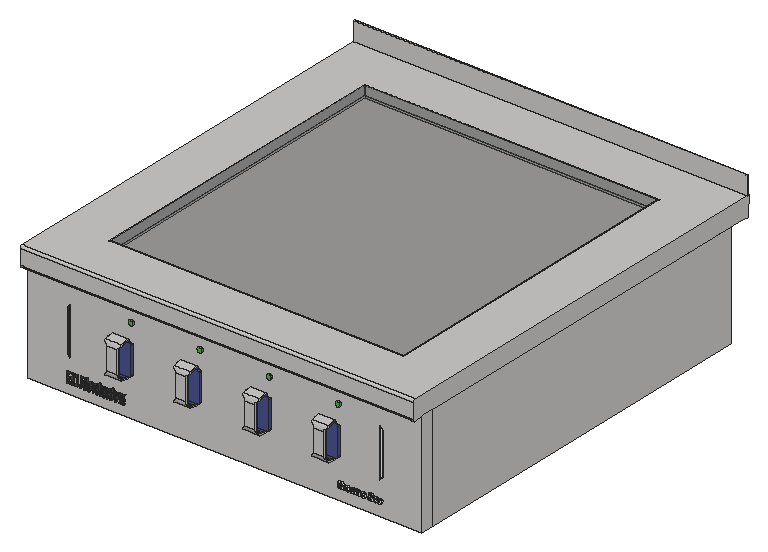
Revit family "QF_ELECTROLUXPROFESSIONAL_588509_MBIDBBHOAO", category Attrezzature speciali, Revit 2020
Family settings
  Quota connettore circolare = Usa diametro
  Tipo di parte = Normale
  Basato su piano di lavoro = No
  Sempre verticale = Sì
  Taglio con vuoti quando caricato = No
  Condiviso = No
  Punto di calcolo locali = No
Parameters (values of type "Standard")
  Weight = 100.00 kg
  Watts = 20000 W
  Volts = 400 V
  URL Manufacturer = "https://www.electroluxprofessional.com/"
  URL = "https://www.electroluxprofessional.com/"
  Steam Supply Size = 0"
  Steam Supply Minimum Pressure = 0.00 psi
  Steam Supply Maximum Pressure = 0.00 psi
  Steam Consumption per Hour = 0
  Refrigeration Suction Line Size = 0 mm
  Refrigeration Liquid Line Size = 0 mm
  Refrigerant Compressor Remote = yes
  Prospetto di default = 0 mm
  Phase = 3
  Modello = "MBIDBBHOAO"
  Produttore = "Electrolux Professional"
  Length Actual = 800 mm  # constant formula
  Item Number = "588509"
  Hot Water Size = 0"
  Height Actual = 250 mm  # constant formula
  HP = "26.8 HP"
  Gas Size = 0"
  Gas KW = 0
  Gas Input Pressure = 0.0 Btu/h
  Direct Waste Size = 0"
  Descrizione = "INDUCTION TOP,4ZONE,1S,BSPL,800X850X250H"
  Depth Actual = 850 mm  # constant formula
  Cycle = 50 Hz
  Condensate Return Size = 0"
  Compressed Air Volume = 0 GPM
  Compressed Air Size = 0"
  Compressed Air Pressure = 0.00 psi
  Cold Water Size = 0"
  Accessory = yes
Reference planes
  plane 1 "BACK": y = 0
  plane 2: z = 0
  plane 3 "LEFT": x = 0
  plane 4 "RIGHT": x = 800
  plane 5 "FRONT": y = -850
  plane 6 "TOP": z = 900
  plane 7 "Center (Left/Right)": x = 400
  plane 8: y = -425
  plane 9: y = -150
  plane 10: x = 100
  plane 11: x = 700
  plane 12: y = -100
  plane 13: y = -750
  plane 14 "EIx": x = 755
  plane 15 "EIy": y = -635
  plane 16: z = 938
  plane 17 "BaseTop": z = 650
  plane 18: y = -805
Forms (mm)
  Extrusion 1, solid, material "QF_Finishes_Stainless Steel"
    sketch origin (-178.969, -4572, 100) x (-1, 0, 0) y (0, -1, 0)
      loop
        line (-178.969, -4527) -> (-178.969, -3767) -> (-978.969, -3767) -> (-978.969, -4527) -> (-178.969, -4527)
    from 550 to 762.969
  Extrusion 2, solid, material "QF_Finishes_Stainless Steel"
    sketch origin (0, 0, 650) x (-1, 0, 0) y (0, -1, 0)
      loop
        circle (-755, 635) r 6.35
    from 0 to -11.851
  Extrusion 3, solid, material "QF_Finishes_Stainless Steel"
    sketch origin (400, 296.4, 1219.2) x (0, 1, 0) y (0, 0, 1)
      loop
        line (-296.4, -319.2) -> (-1141.4, -319.2)
        arc (-1141.4, -319.2) -> (-1144.935, -320.664) -> (-1146.4, -324.2) r 5
        line (-1146.4, -324.2) -> (-1146.4, -355.2)
        arc (-1146.4, -355.2) -> (-1144.971, -358.264) -> (-1141.705, -359.139) r 4
        line (-1141.705, -359.139) -> (-1126.4, -356.231) -> (-316.4, -356.231) -> (-301.094, -359.139)
        arc (-301.094, -359.139) -> (-297.829, -358.264) -> (-296.4, -355.2) r 4
        line (-296.4, -355.2) -> (-296.4, -319.2)
    from -400 to 400
  Extrusion 4, solid, material "QF_Finishes_Electrolux_Black Smoke Iluminated"
    sketch origin (0, 0, 900) x (-1, 0, 0) y (0, -1, 0)
      loop
        line (-102, 102) -> (-102, 748) -> (-698, 748) -> (-698, 102) -> (-102, 102)
    from 0 to -20
  Extrusion 5, void
    sketch origin (0, 0, 900) x (-1, 0, 0) y (0, -1, 0)
      loop
        line (-100, 750) -> (-700, 750) -> (-700, 100) -> (-100, 100) -> (-100, 750)
    from 0 to -25
  Extrusion 6, solid, material "QF_Finishes_Stainless Steel"
    sketch origin (400, 296.4, 1219.2) x (0, 1, 0) y (0, 0, 1)
      loop
        line (-296.4, -319.2) -> (-296.4, -281.2) -> (-298.4, -281.2) -> (-298.4, -319.2) -> (-296.4, -319.2)
    from 400 to -400
Cuts and joins
  Extrusion 5 cuts Extrusion 3
Lines and regions (mm)
  symbolic lines
    curve 1: line (0, 0, 100) -> (800, 0, 100)
    curve 2: line (0, -850, 100) -> (0, 0, 100)
    curve 3: line (800, -850, 100) -> (0, -850, 100)
    curve 4: line (800, 0, 100) -> (800, -850, 100)
    curve 5: line (100, -750, 0) -> (700, -750, 0)
    curve 6: line (700, -750, 0) -> (700, -100, 0)
    curve 7: line (700, -100, 0) -> (100, -100, 0)
    curve 8: line (100, -100, 0) -> (100, -750, 0)
    curve 9: line (0, -2, 0) -> (800, -2, 0)
  model lines
    curve 10: line (99.879, -133.089, 900) -> (121.092, -111.876, 900)
    curve 11: line (121.092, -111.876, 900) -> (678.908, -111.876, 900)
    curve 12: line (131.557, -136.465, 900) -> (112.022, -156, 900)
    curve 13: line (112.022, -156, 900) -> (112.022, -391, 900)
    curve 14: line (112.022, -391, 900) -> (131.394, -410.372, 900)
    curve 15: line (221.716, -273.3, 900) -> (278.284, -273.3, 900)
    curve 16: line (250, -301.584, 900) -> (250, -245.016, 900)
    curve 17: line (368.443, -136.465, 900) -> (387.978, -156, 900)
    curve 18: line (387.978, -156, 900) -> (387.978, -391, 900)
    curve 19: line (387.978, -391, 900) -> (368.606, -410.372, 900)
    curve 20: line (99.879, -716.911, 900) -> (121.092, -738.124, 900)
    curve 21: line (121.092, -738.124, 900) -> (678.908, -738.124, 900)
    curve 22: line (131.557, -713.535, 900) -> (112.022, -694, 900)
    curve 23: line (112.022, -694, 900) -> (112.022, -459, 900)
    curve 24: line (112.022, -459, 900) -> (131.394, -439.628, 900)
    curve 25: line (278.284, -576.7, 900) -> (221.716, -576.7, 900)
    curve 26: line (250, -548.416, 900) -> (250, -604.984, 900)
    curve 27: line (368.443, -713.535, 900) -> (387.978, -694, 900)
    curve 28: line (387.978, -694, 900) -> (387.978, -459, 900)
    curve 29: line (387.978, -459, 900) -> (368.606, -439.628, 900)
    curve 30: line (668.443, -136.465, 900) -> (687.978, -156, 900)
    curve 31: line (687.978, -156, 900) -> (687.978, -391, 900)
    curve 32: line (687.978, -391, 900) -> (668.606, -410.372, 900)
    curve 33: line (550, -301.584, 900) -> (550, -245.016, 900)
    curve 34: line (521.716, -273.3, 900) -> (578.284, -273.3, 900)
    curve 35: line (431.557, -136.465, 900) -> (412.022, -156, 900)
    curve 36: line (412.022, -156, 900) -> (412.022, -391, 900)
    curve 37: line (412.022, -391, 900) -> (431.394, -410.372, 900)
    curve 38: line (668.443, -713.535, 900) -> (687.978, -694, 900)
    curve 39: line (687.978, -694, 900) -> (687.978, -459, 900)
    curve 40: line (687.978, -459, 900) -> (668.606, -439.628, 900)
    curve 41: line (578.284, -576.7, 900) -> (521.716, -576.7, 900)
    curve 42: line (550, -548.416, 900) -> (550, -604.984, 900)
    curve 43: line (431.557, -713.535, 900) -> (412.022, -694, 900)
    curve 44: line (412.022, -694, 900) -> (412.022, -459, 900)
    curve 45: line (412.022, -459, 900) -> (431.394, -439.628, 900)
    curve 46: line (700.121, -133.089, 900) -> (678.908, -111.876, 900)
    curve 47: line (700.121, -716.911, 900) -> (678.908, -738.124, 900)
Dimensions and locks
  plane 3 "LEFT" to plane 4 "RIGHT" = 800 mm
  locked: plane 5 "FRONT" to plane 1 "BACK" at 850
  plane 3 "LEFT" to plane 7 "Center (Left/Right)" to plane 4 "RIGHT" = 400 mm, 400 mm
  equal spacing: plane 5 "FRONT", plane 8, plane 1 "BACK"
  plane 6 "TOP" to level = 900 mm  (x2)
  plane 1 "BACK" to plane 9 = 150 mm
  plane 1 "BACK" to Extrusion 2 = 635 mm
  locked: plane 14 "EIx" to plane 4 "RIGHT" at 45
  locked: plane 15 "EIy" to plane 1 "BACK" at 635
  plane 16 to plane 6 "TOP" = 38 mm
  locked: plane 12 to plane 1 "BACK" at 100
  locked: plane 5 "FRONT" to plane 13 at 100
  plane 3 "LEFT" to plane 10 = 100 mm
  plane 11 to plane 4 "RIGHT" = 100 mm
  locked: plane 6 "TOP" to plane 17 "BaseTop" at 250
  locked: plane 18 to plane 5 "FRONT" at 45
  aligned and locked: level to plane 2
  aligned and locked: cut or joined group of Extrusion 3, Extrusion 5 to plane 3 "LEFT"
  aligned and locked: cut or joined group of Extrusion 3, Extrusion 5 to plane 4 "RIGHT"
  aligned and locked: Extrusion 5 sketch curve to plane 10
  aligned and locked: plane 12 to Extrusion 5 sketch curve
  aligned and locked: plane 11 to Extrusion 5 sketch curve
  aligned and locked: Extrusion 5 sketch curve to plane 13
  aligned and locked: nested 1 to plane 18
  aligned and locked: Extrusion 1 to plane 18
  aligned and locked: Extrusion 6 to plane 3 "LEFT"
  aligned and locked: Extrusion 6 to plane 4 "RIGHT"
  aligned and locked: plane 3 "LEFT" to nested 1
Automatic sketch dimensions
  Extrusion 2 sketch curve to plane 14 "EIx" = 0 mm
  Extrusion 2 sketch curve to plane 15 "EIy" = 0 mm
  Extrusion 6 sketch curve to plane 6 "TOP" = 0 mm
  Extrusion 6 sketch curve to plane 16 = 0 mm
  Extrusion 6 sketch curve to plane 1 "BACK" = 0 mm
  Extrusion 6 sketch curve to Extrusion 6 sketch curve = 2 mm
  plane 11 to Extrusion 4 sketch curve = 2 mm
  Extrusion 4 sketch curve to plane 13 = 2 mm
  Extrusion 4 sketch curve to plane 10 = 2 mm
  plane 9 to Extrusion 4 sketch curve = 48 mm
  Extrusion 3 sketch curve to plane 5 "FRONT" = 0 mm
  Extrusion 3 sketch curve to plane 6 "TOP" = 0 mm
  Extrusion 3 sketch curve to plane 1 "BACK" = 0 mm
  Extrusion 3 sketch curve to Extrusion 3 sketch curve = 4 mm
  Extrusion 3 sketch curve to Extrusion 3 sketch curve = 0.695 mm
  Extrusion 3 sketch curve to plane 5 "FRONT" = 5 mm
  Extrusion 3 sketch curve to Extrusion 3 sketch curve = 15.305 mm
  plane 1 "BACK" to Extrusion 3 sketch curve = 20 mm
  plane 1 "BACK" to Extrusion 3 sketch curve = 4.695 mm
  plane 1 "BACK" to Extrusion 3 sketch curve = 4 mm
  Extrusion 3 sketch curve to Extrusion 3 sketch curve = 31 mm
  Extrusion 3 sketch curve to Extrusion 3 sketch curve = 36 mm
  Extrusion 3 sketch curve to Extrusion 3 sketch curve = 2.909 mm
  Extrusion 1 sketch curve to plane 4 "RIGHT" = 0 mm
  Extrusion 1 sketch curve to plane 3 "LEFT" = 0 mm
  Extrusion 1 sketch curve to plane 18 = 0 mm
  plane 1 "BACK" to Extrusion 1 sketch curve = 45 mm
  plane 1 "BACK" to curve 1 = 0 mm
  curve 1 to plane 4 "RIGHT" = 0 mm
  curve 3 to plane 3 "LEFT" = 0 mm
  plane 5 "FRONT" to curve 3 = 0 mm
  curve 9 to plane 3 "LEFT" = 0 mm
  curve 5 to plane 10 = 0 mm
  curve 5 to plane 11 = 0 mm
  curve 9 to plane 4 "RIGHT" = 0 mm
  plane 13 to curve 5 = 0 mm
  plane 12 to curve 6 = 0 mm
  plane 1 "BACK" to curve 9 = 2 mm
  plane 11 to curve 39 = 12.022 mm
  curve 30 to plane 9 = 6 mm
  plane 11 to curve 30 = 12.022 mm
  plane 11 to curve 46 = 21.092 mm
  plane 11 to curve 47 = 21.092 mm
  curve 35 to plane 9 = 6 mm
  plane 7 "Center (Left/Right)" to curve 35 = 12.022 mm
  plane 7 "Center (Left/Right)" to curve 43 = 12.022 mm
  curve 19 to plane 7 "Center (Left/Right)" = 12.022 mm
  curve 28 to plane 7 "Center (Left/Right)" = 12.022 mm
  curve 10 to plane 10 = 21.092 mm
  curve 20 to plane 10 = 21.092 mm
  curve 22 to plane 10 = 12.022 mm
  curve 14 to plane 10 = 12.022 mm
  curve 12 to plane 9 = 6 mm
  plane 12 to curve 46 = 11.876 mm
  curve 17 to plane 9 = 6 mm
  plane 8 to curve 18 = 34 mm
  plane 8 to curve 31 = 34 mm
  plane 8 to curve 14 = 34 mm
  curve 18 to curve 36 = 0 mm
  curve 24 to plane 8 = 34 mm
  curve 40 to plane 8 = 34 mm
  curve 45 to plane 8 = 34 mm
  curve 29 to curve 44 = 0 mm
  curve 38 to plane 13 = 56 mm
  curve 43 to plane 13 = 56 mm
  curve 23 to plane 13 = 56 mm
  curve 27 to curve 43 = 0 mm
  curve 20 to plane 13 = 11.876 mm
  curve 46 to plane 11 = 0.121 mm
  curve 47 to plane 11 = 0.121 mm
  plane 8 to curve 32 = 14.628 mm
  curve 31 to curve 32 = 19.372 mm
  curve 40 to plane 8 = 14.628 mm
  curve 39 to curve 40 = 19.372 mm
  plane 9 to curve 30 = 13.535 mm
  curve 11 to curve 30 = 10.465 mm
  curve 21 to curve 38 = 10.465 mm
  plane 11 to curve 34 = 121.716 mm
  curve 34 to curve 33 = 28.284 mm  (x2)
  curve 33 to curve 34 = 28.284 mm  (x2)
  curve 43 to curve 43 = 19.535 mm  (x2)
  plane 9 to curve 35 = 13.535 mm
  curve 35 to curve 35 = 19.535 mm
  curve 45 to plane 8 = 14.628 mm
  curve 45 to curve 44 = 19.372 mm
  plane 8 to curve 37 = 14.628 mm
  curve 37 to curve 36 = 19.372 mm
  plane 8 to curve 19 = 14.628 mm
  curve 18 to curve 19 = 19.372 mm
  curve 29 to plane 8 = 14.628 mm
  curve 28 to curve 29 = 19.372 mm
  plane 9 to curve 17 = 13.535 mm
  curve 17 to curve 17 = 19.535 mm
  curve 27 to curve 27 = 19.535 mm  (x2)
  curve 15 to plane 7 "Center (Left/Right)" = 121.716 mm
  curve 15 to curve 16 = 28.284 mm  (x2)
  curve 16 to curve 15 = 28.284 mm  (x2)
  curve 22 to curve 20 = 10.465 mm
  plane 9 to curve 12 = 13.535 mm
  curve 12 to curve 10 = 10.465 mm
  curve 24 to plane 8 = 14.628 mm
  curve 24 to curve 23 = 19.372 mm
  plane 8 to curve 14 = 14.628 mm
  curve 14 to curve 13 = 19.372 mm
  plane 10 to curve 10 = 0.121 mm
  plane 10 to curve 20 = 0.121 mm
  plane 9 to curve 10 = 16.911 mm
  plane 9 to curve 46 = 16.911 mm
  curve 33 to plane 9 = 95.016 mm
  curve 16 to plane 9 = 95.016 mm
  curve 38 to curve 21 = 24.589 mm
  curve 22 to curve 20 = 24.589 mm
  curve 22 to curve 20 = 22.911 mm
  curve 38 to curve 47 = 22.911 mm
  curve 25 to plane 7 "Center (Left/Right)" = 121.716 mm
  curve 26 to curve 25 = 28.284 mm  (x2)
  curve 25 to curve 26 = 28.284 mm
  plane 15 "EIy" to curve 26 = 86.584 mm
  plane 15 "EIy" to curve 26 = 30.016 mm
  curve 42 to curve 41 = 28.284 mm  (x2)
  curve 41 to curve 42 = 28.284 mm
  plane 15 "EIy" to curve 42 = 86.584 mm
  plane 15 "EIy" to curve 42 = 30.016 mm
  plane 11 to curve 41 = 121.716 mm
  radius of Extrusion 2 sketch curve = 6.35 mm
Nested families
  nested 1: "Front_Panel_W800_4 Knobs_Spie" at (202.376, -805, 0), type "Front_Panel_W800_4 Knobs_Spie"
Connectors
  electrical at (755, -635, 638.149)
    settings: on Extrusion 2, index 1, voltage 400 V, apparent load 33000 VA, apparent load phase1 0 VA, apparent load phase2 0 VA, apparent load phase3 0 VA, power factor 1, load classification "Other", number of poles 1, system type 30, power factor state 1, is connector primary yes, connector utility no, sub classification motor no, connector description "ELECTRICAL CONNECTION"
Definition of nested family "Front_Panel_W800_4 Knobs_Spie"
  Parameters
    Default Elevation = 0 mm
  Reference planes
    plane 1 "Center (Front/Back)": y = 0
    plane 2: z = 0
    plane 3 "Center (Left/Right)": x = 197.624
    plane 4 "Left": x = -202.376
    plane 5 "Right": x = 597.624
    plane 6: y = -45
    plane 7: x = -12.376
    plane 8: x = 127.624
    plane 9 "Panel": y = -25
    plane 10: x = 517.624
    plane 11: x = -122.376
  Forms (mm)
    Extrusion 1, solid
      sketch origin (833.217, 829.203, -1.25) x (0, 1, 0) y (0, 0, 1)
        loop
          line (-854.203, 651.25) -> (-829.203, 651.25) -> (-829.203, 864.25) -> (-854.203, 864.25) -> (-854.203, 651.25)
      from -1035.593 to -235.593
    Extrusion 2, void
      sketch origin (0, -25, -10) x (0, 0, 1) y (-1, 0, 0)
        loop
          line (731.866, 122.376) -> (726.866, 117.376) -> (823.866, 117.376) -> (818.866, 122.376) -> (731.866, 122.376)
        loop
          line (731.866, -517.624) -> (818.866, -517.624) -> (823.866, -512.624) -> (726.866, -512.624) -> (731.866, -517.624)
      from 0 to -2
    Extrusion 3, solid
      sketch origin (20, -25, 1.163) x (0, 0, 1) y (-1, 0, 0)
        loop
          circle (824.337, 12.376) r 5
      from 0 to 1.7
    Extrusion 4, solid
      sketch origin (160, -25, 1.163) x (0, 0, 1) y (-1, 0, 0)
        loop
          circle (824.337, 12.376) r 5
      from 0 to 1.7
    Extrusion 5, solid
      sketch origin (300.724, -25, 1.163) x (0, 0, 1) y (-1, 0, 0)
        loop
          circle (824.337, 12.376) r 5
      from 0 to 1.7
    Extrusion 6, solid
      sketch origin (440.724, -25, 1.163) x (0, 0, 1) y (-1, 0, 0)
        loop
          circle (824.337, 12.376) r 5
      from 0 to 1.7
    Extrusion 7, solid
      sketch origin (0, -25, -10) x (0, 0, 1) y (-1, 0, 0)
        loop
          line (731.866, 122.376) -> (726.866, 117.376) -> (823.866, 117.376) -> (818.866, 122.376) -> (731.866, 122.376)
        loop
          line (726.866, -512.624) -> (731.866, -517.624) -> (818.866, -517.624) -> (823.866, -512.624) -> (726.866, -512.624)
      from 0 to -2
  Cuts and joins
    Extrusion 2 cuts Extrusion 1
  Dimensions and locks
    equal spacing: plane 5 "Right", plane 3 "Center (Left/Right)", plane 4 "Left"
    plane 5 "Right" to plane 4 "Left" = 800 mm
    plane 3 "Center (Left/Right)" to plane 7 = 210 mm
    plane 3 "Center (Left/Right)" to plane 8 = 70 mm
    aligned and locked: cut or joined group of Extrusion 1, Extrusion 2 to plane 4 "Left"
    aligned and locked: plane 5 "Right" to cut or joined group of Extrusion 1, Extrusion 2
  Automatic sketch dimensions
    Extrusion 1 sketch curve to plane 9 "Panel" = 0 mm
    Extrusion 1 sketch curve to plane 1 "Center (Front/Back)" = 0 mm
    Extrusion 2 sketch curve to plane 11 = 0 mm
    Extrusion 2 sketch curve to plane 10 = 0 mm
    Extrusion 2 sketch curve to plane 10 = 5 mm
    plane 11 to Extrusion 2 sketch curve = 5 mm
    Extrusion 2 sketch curve to Extrusion 2 sketch curve = 5 mm  (x4)
    plane 7 to Extrusion 3 sketch curve = 20 mm
    plane 8 to Extrusion 4 sketch curve = 20 mm
    plane 3 "Center (Left/Right)" to Extrusion 5 sketch curve = 90.724 mm
    Extrusion 6 sketch curve to plane 10 = 89.276 mm
    Extrusion 7 sketch curve to plane 11 = 0 mm
    Extrusion 7 sketch curve to plane 10 = 0 mm
    plane 11 to Extrusion 7 sketch curve = 5 mm
    Extrusion 7 sketch curve to Extrusion 7 sketch curve = 5 mm  (x4)
    Extrusion 7 sketch curve to plane 10 = 5 mm
    level to Extrusion 1 sketch curve = 650 mm
    Extrusion 1 sketch curve to Extrusion 1 sketch curve = 213 mm
    level to Extrusion 2 sketch curve = 716.866 mm
    Extrusion 2 sketch curve to Extrusion 2 sketch curve = 0 mm
    Extrusion 2 sketch curve to Extrusion 2 sketch curve = 87 mm  (x2)
    level to Extrusion 3 sketch curve = 825.5 mm
    level to Extrusion 4 sketch curve = 825.5 mm
    level to Extrusion 5 sketch curve = 825.5 mm
    level to Extrusion 6 sketch curve = 825.5 mm
    level to Extrusion 7 sketch curve = 716.866 mm
    Extrusion 7 sketch curve to Extrusion 7 sketch curve = 0 mm
    Extrusion 7 sketch curve to Extrusion 7 sketch curve = 87 mm  (x2)
    radius of Extrusion 3 sketch curve = 5 mm
    radius of Extrusion 4 sketch curve = 5 mm
    radius of Extrusion 5 sketch curve = 5 mm
    radius of Extrusion 6 sketch curve = 5 mm
  Nested families
    nested 1: "Range Control Handle" at (-12.376, -28.137, -209.113) x (-1, 0, 0) z (0, 0, 1), type "Range Control Handle"
    nested 2: "Range Control Handle" at (127.624, -28.137, -209.113) x (-1, 0, 0) z (0, 0, 1), type "Range Control Handle"
    nested 3: "Range Control Handle" at (407.624, -28.137, -209.113), type "Range Control Handle"
    nested 4: "Range Control Handle" at (267.624, -28.137, -209.113), type "Range Control Handle"
    nested 5: "ELX_ThermaLine_Small" at (468.838, -25, 679.426) x (1, 0, 0) z (0, -1, 0), type "ELX_ThermaLine_Small"
      with Show Logo yes, Material_Logo none
    nested 6: "ELX_Professional_Logo_Small" at (-62.89, -25, 681.659) x (1, 0, 0) z (0, -1, 0), type "ELX_Professional_Logo_Small"
      with Show Logo yes, Material_Logo none
  Definition of nested family "Range Control Handle"
    Parameters
      Default Elevation = 0 mm
    Reference planes
      plane 1 "Center (Front/Back)": y = 0
      plane 2: z = 0
      plane 3 "Center (Left/Right)": x = 0
      plane 4: z = 971.092
      plane 5: y = -16.9
    Forms (mm)
      Extrusion 1, solid
        sketch origin (-746.28, 380.497, 208.931) x (-1, 0, 0) y (0, 0, 1)
          loop
            line (-770.101, 786.798) -> (-770.101, 731.649)
            arc (-770.101, 731.649) -> (-769.759, 730.563) -> (-768.855, 729.87) r 1.893
            line (-768.855, 729.87) -> (-763.474, 727.911) -> (-729.81, 727.911) -> (-724.428, 729.87)
            arc (-724.428, 729.87) -> (-723.525, 730.563) -> (-723.183, 731.649) r 1.893
            line (-723.183, 731.649) -> (-723.183, 786.798)
            arc (-723.183, 786.798) -> (-723.529, 787.894) -> (-724.44, 788.593) r 1.91
            line (-724.44, 788.593) -> (-729.683, 790.819) -> (-763.601, 790.819) -> (-768.844, 788.593)
            arc (-768.844, 788.593) -> (-769.755, 787.894) -> (-770.101, 786.798) r 1.91
        from -382.35 to -378.852
      Sweep 2, solid
        path origin (-746.788, 380.496, 208.091) x (0, -1, 0) y (0, 0, 1)
          loop
            line (379.775, 793.281) -> (395.661, 791.048)
            arc (395.661, 791.048) -> (397.781, 787.377) -> (398.517, 783.202) r 12.207
            line (398.517, 783.202) -> (398.517, 737.368)
            arc (398.517, 737.368) -> (397.781, 733.193) -> (395.661, 729.522) r 12.207
            line (395.661, 729.522) -> (379.775, 727.289)
        profile origin (-746.788, -7.222, 1000.256) x (0, -0.139173, 0.990268) y (-1, 0, 0)
          loop
            line (0.782, -763.123) -> (0.782, -730.907) -> (-1.322, -730.907) -> (-1.322, -763.123) -> (0.782, -763.123)
      Sweep 3, solid
        path origin (-746.788, 380.715, 207.832) x (0, -1, 0) y (0, 0, 1)
          loop
            line (380.478, 795.442) -> (397.218, 793.09)
            arc (397.218, 793.09) -> (399.929, 788.473) -> (400.871, 783.202) r 15.207
            line (400.871, 783.202) -> (400.871, 737.584)
            arc (400.871, 737.584) -> (399.914, 732.274) -> (397.164, 727.633) r 15.207
            line (397.164, 727.633) -> (380.601, 725.305)
        profile origin (-746.788, -8.132, 1002.099) x (0, -0.139173, 0.990268) y (-1, 0, 0)
          loop
            line (0.782, -763.123) -> (0.782, -730.907) -> (-1.322, -730.907) -> (-1.322, -763.123) -> (0.782, -763.123)
      Extrusion 4, void
        sketch origin (889.253, 220.666, 207.993) x (1, 0, 0) y (0, 0, 1)
          loop
            line (-943.038, 816.854) -> (-943.038, 703.686) -> (-899.466, 734.196) -> (-899.466, 786.344) -> (-943.038, 816.854)
        from 230.636 to 242.25
      Extrusion 5, void
        sketch origin (-888.8, 220.666, 207.993) x (-1, 0, 0) y (0, 0, -1)
          loop
            line (-943.038, -816.854) -> (-899.466, -786.344) -> (-899.466, -734.196) -> (-943.038, -703.686) -> (-943.038, -816.854)
        from 230.636 to 242.25
      Extrusion 6, solid
        sketch origin (0, 0, 0) x (1, 0, 0) y (0, 0, 1)
          loop
            circle (0, 971.092) r 7.736
        from -3.137 to -1.645
    Cuts and joins
      Extrusion 4, Extrusion 5 cuts Sweep 3
      Extrusion 4, Extrusion 5 cuts Sweep 2
      joined: Extrusion 1, Extrusion 6
    Lines and regions (mm)
      symbolic lines
        curve 1: line (16.334, -16.9, 0) -> (16.334, -19.227, 0)
        curve 2: spline (16.334, -19.227, 0) -> (15.87, -19.385, 0) -> (15.404, -19.536, 0) -> (14.936, -19.678, 0) -> (14.466, -19.813, 0) -> (13.995, -19.94, 0) -> (13.523, -20.059, 0) -> (13.049, -20.171, 0) -> (12.575, -20.274, 0) -> (12.099, -20.37, 0) -> (11.622, -20.458, 0) -> (11.144, -20.537, 0) -> (10.666, -20.609, 0)
        curve 3: line (10.666, -16.9, 0) -> (10.666, -20.938, 0)
        curve 4: line (-10.213, -20.938, 0) -> (10.666, -20.938, 0)
        curve 5: line (-10.213, -20.938, 0) -> (-10.213, -16.9, 0)
        curve 6: spline (-10.213, -20.609, 0) -> (-10.691, -20.537, 0) -> (-11.169, -20.458, 0) -> (-11.646, -20.37, 0) -> (-12.122, -20.274, 0) -> (-12.597, -20.171, 0) -> (-13.07, -20.059, 0) -> (-13.542, -19.94, 0) -> (-14.013, -19.813, 0) -> (-14.483, -19.678, 0) -> (-14.951, -19.536, 0) -> (-15.417, -19.385, 0) -> (-15.881, -19.227, 0)
        curve 7: line (-15.881, -19.227, 0) -> (-15.881, -16.9, 0)
  Definition of nested family "ELX_ThermaLine_Small"
    Parameters
      Show Logo [instance] = yes
      Material_Logo [instance] = none
      Default Elevation = 0 mm
    Reference planes
      plane 1 "Centro (Fronte/Retro)": y = 0
      plane 2: z = 0
      plane 3 "Centro (Sinistra/Destra)": x = 0
    Forms (mm)
      Extrusion 1, solid
        sketch origin (0, 0, 0) x (1, 0, 0) y (0, 1, 0)
          loop
            line (-1219.2, 1219.2) -> (-1219.2, -1219.2) -> (1219.2, -1219.2) -> (1219.2, 1219.2) -> (-1219.2, 1219.2)
        from 0 to -304.8
      Extrusion 2, solid
        sketch origin (0, 0, 0) x (1, 0, 0) y (0, 1, 0)
          loop
            line (-37.494, 1.229) -> (-35.908, 1.229) -> (-35.908, 3.066) -> (-37.494, 3.066) -> (-37.494, 6.221) -> (-39.867, 4.881) -> (-39.867, 3.066) -> (-40.969, 3.066) -> (-40.969, 1.229) -> (-39.867, 1.229) -> (-39.867, -3.407)
            arc (-39.867, -3.407) -> (-38.982, -5.513) -> (-36.751, -6.001) r 2.478
            line (-36.751, -6.001) -> (-35.638, -5.7) -> (-35.9, -3.835) -> (-36.661, -4.039)
            arc (-36.661, -4.039) -> (-37.236, -3.924) -> (-37.494, -3.399) r 0.662
            line (-37.494, -3.399) -> (-37.494, 1.229)
          loop
            line (-34.242, 6.539) -> (-34.242, -5.848) -> (-31.854, -5.848) -> (-31.854, -0.078)
            arc (-31.854, -0.078) -> (-30.939, 1.249) -> (-29.33, 1.367) r 1.866
            arc (-29.33, 1.367) -> (-28.695, 0.768) -> (-28.461, -0.073) r 1.627
            line (-28.461, -0.073) -> (-28.461, -5.848) -> (-26.086, -5.848) -> (-26.064, -0.46)
            arc (-26.064, -0.46) -> (-26.261, 0.932) -> (-26.786, 2.237) r 5.825
            arc (-26.786, 2.237) -> (-29.381, 3.264) -> (-31.854, 1.971) r 3.353
            line (-31.854, 1.971) -> (-31.854, 6.539) -> (-34.242, 6.539)
          loop
            arc (-18.398, -0.598) -> (-18.893, 0.879) -> (-20.326, 1.487) r 1.897
            arc (-20.326, 1.487) -> (-21.461, 0.708) -> (-21.897, -0.598) r 2.164
            line (-21.897, -0.598) -> (-18.398, -0.598)
          loop
            arc (-16.021, -2.044) -> (-16.754, 1.227) -> (-19.444, 3.226) r 4.814
            arc (-19.444, 3.226) -> (-22.137, 2.788) -> (-23.943, 0.743) r 4.054
            arc (-23.943, 0.743) -> (-24.382, -1.249) -> (-24.162, -3.276) r 6.289
            arc (-24.162, -3.276) -> (-23.302, -4.71) -> (-21.958, -5.705) r 4.28
            arc (-21.958, -5.705) -> (-18.558, -5.814) -> (-16.152, -3.409) r 4.28
            line (-16.152, -3.409) -> (-18.5, -2.995)
            arc (-18.5, -2.995) -> (-19.273, -3.994) -> (-20.533, -4.076) r 1.536
            arc (-20.533, -4.076) -> (-21.56, -3.281) -> (-21.958, -2.044) r 2.197
            line (-21.958, -2.044) -> (-16.021, -2.044)
          loop
            line (-14.165, -5.848) -> (-11.819, -5.848) -> (-11.819, -2.138)
            arc (-11.819, -2.138) -> (-11.787, -1.156) -> (-11.637, -0.185) r 8.18
            arc (-11.637, -0.185) -> (-10.644, 0.972) -> (-9.132, 0.776) r 1.603
            line (-9.132, 0.776) -> (-8.419, 2.846)
            arc (-8.419, 2.846) -> (-10.432, 3.118) -> (-11.994, 1.821) r 2.527
            line (-11.994, 1.821) -> (-11.994, 3.094) -> (-14.165, 3.094) -> (-14.165, -5.848)
          loop
            line (-7.579, 3.094) -> (-7.579, -5.848) -> (-5.178, -5.848) -> (-5.178, -0.756)
            arc (-5.178, -0.756) -> (-4.727, 0.679) -> (-3.417, 1.419) r 2.05
            arc (-3.417, 1.419) -> (-2.499, 0.908) -> (-2.155, -0.085) r 1.471
            line (-2.155, -0.085) -> (-2.155, -5.848) -> (0.23, -5.848) -> (0.23, -1.001)
            arc (0.23, -1.001) -> (0.47, 0.127) -> (1.148, 1.061) r 2.775
            arc (1.148, 1.061) -> (2.225, 1.329) -> (3.05, 0.587) r 1.182
            arc (3.05, 0.587) -> (3.199, -0.019) -> (3.214, -0.642) r 2.894
            line (3.214, -0.642) -> (3.214, -5.848) -> (5.601, -5.848) -> (5.601, 0.261)
            arc (5.601, 0.261) -> (4.87, 2.263) -> (2.976, 3.241) r 2.932
            arc (2.976, 3.241) -> (1.284, 2.973) -> (-0.047, 1.896) r 3.309
            arc (-0.047, 1.896) -> (-1.116, 2.865) -> (-2.506, 3.258) r 3.16
            arc (-2.506, 3.258) -> (-4.105, 2.942) -> (-5.376, 1.92) r 3.419
            line (-5.376, 1.92) -> (-5.376, 3.094) -> (-7.579, 3.094)
          loop
            line (7.583, 0.738) -> (9.702, 0.364)
            arc (9.702, 0.364) -> (11.441, 1.492) -> (12.855, -0.023) r 1.613
            line (12.855, -0.023) -> (9.782, -0.789)
            arc (9.782, -0.789) -> (8.559, -1.346) -> (7.617, -2.305) r 3.687
            arc (7.617, -2.305) -> (7.499, -3.681) -> (7.901, -5.003) r 3.651
            arc (7.901, -5.003) -> (9.107, -5.766) -> (10.515, -6.006) r 3.635
            arc (10.515, -6.006) -> (11.898, -5.697) -> (13.067, -4.895) r 3.734
            line (13.067, -4.895) -> (13.376, -5.848) -> (15.75, -5.848) -> (15.212, -4.193) -> (15.212, 0.38)
            arc (15.212, 0.38) -> (14.897, 1.849) -> (13.818, 2.895) r 2.585
            arc (13.818, 2.895) -> (11.792, 3.442) -> (9.719, 3.11) r 5.005
            arc (9.719, 3.11) -> (8.369, 2.178) -> (7.583, 0.738) r 3.54
          loop
            line (19.723, -5.848) -> (22.233, -5.848) -> (24.854, 6.484) -> (22.345, 6.484) -> (19.723, -5.848)
          loop
            line (24.583, -5.848) -> (26.953, -5.848) -> (28.848, 3.066) -> (26.478, 3.066) -> (24.583, -5.848)
          loop
            line (27.204, 6.484) -> (26.741, 4.305) -> (29.111, 4.305) -> (29.575, 6.484) -> (27.204, 6.484)
          loop
            line (29.355, -5.848) -> (31.849, -5.848) -> (33.098, 0.028)
            arc (33.098, 0.028) -> (34.169, 1.306) -> (35.832, 1.422) r 2.132
            arc (35.832, 1.422) -> (36.324, 0.752) -> (36.383, -0.078) r 1.5
            line (36.383, -0.078) -> (35.157, -5.848) -> (37.536, -5.848) -> (38.936, 0.738)
            arc (38.936, 0.738) -> (38.775, 2.091) -> (37.825, 3.066) r 2.118
            arc (37.825, 3.066) -> (35.392, 3.175) -> (33.295, 1.937) r 4.271
            line (33.295, 1.937) -> (33.535, 3.066) -> (31.25, 3.066) -> (29.355, -5.848)
          loop
            line (42.792, -0.64) -> (46.589, -0.64)
            arc (46.589, -0.64) -> (46.639, 0.124) -> (46.327, 0.823) r 1.589
            arc (46.327, 0.823) -> (45.117, 1.521) -> (43.762, 1.183) r 1.865
            arc (43.762, 1.183) -> (43.141, 0.344) -> (42.792, -0.64) r 3.538
          loop
            line (42.565, -2.138) -> (48.593, -2.138)
            arc (48.593, -2.138) -> (48.58, 0.597) -> (46.983, 2.818) r 4.494
            arc (46.983, 2.818) -> (44.191, 3.28) -> (41.725, 1.891) r 4.26
            arc (41.725, 1.891) -> (40.503, -0.3) -> (40.284, -2.799) r 6.003
            arc (40.284, -2.799) -> (40.959, -4.468) -> (42.377, -5.576) r 3.482
            arc (42.377, -5.576) -> (44.265, -5.961) -> (46.152, -5.576) r 4.823
            arc (46.152, -5.576) -> (47.432, -4.731) -> (48.328, -3.485) r 4.245
            line (48.328, -3.485) -> (46.168, -3.105)
            arc (46.168, -3.105) -> (45.214, -4.072) -> (43.859, -4.181) r 1.953
            arc (43.859, -4.181) -> (42.821, -3.408) -> (42.565, -2.138) r 1.81
          loop
            line (12.868, -1.553) -> (10.216, -2.214)
            arc (10.216, -2.214) -> (9.747, -3.136) -> (10.216, -4.058) r 1.14
            arc (10.216, -4.058) -> (11.537, -4.249) -> (12.614, -3.46) r 1.763
            arc (12.614, -3.46) -> (12.858, -2.522) -> (12.868, -1.553) r 3.97
        from 0 to 1.6
    Dimensions and locks
      aligned and locked: plane 2 to Extrusion 1
      aligned and locked: level to Extrusion 1
  Definition of nested family "ELX_Professional_Logo_Small"
    Parameters
      Show Logo [instance] = yes
      Material_Logo [instance] = none
      Default Elevation = 0 mm
    Reference planes
      plane 1 "Centro (Fronte/Retro)": y = 0
      plane 2: z = 0
      plane 3 "Centro (Sinistra/Destra)": x = 0
    Forms (mm)
      Extrusion 1, solid
        sketch origin (0, 0, 0) x (1, 0, 0) y (0, 1, 0)
          loop
            line (-1219.2, 1219.2) -> (-1219.2, -1219.2) -> (1219.2, -1219.2) -> (1219.2, 1219.2) -> (-1219.2, 1219.2)
        from 0 to -304.8
      Extrusion 2, solid, material <- "Material_Logo"
        sketch origin (15.5, 0, 0) x (1, 0, 0) y (0, 1, 0)
          loop
            spline (-42.99, -1.24) -> (-43.195, -1.231) -> (-43.415, -1.203) -> (-43.642, -1.152) -> (-43.87, -1.074) -> (-44.095, -0.966) -> (-44.309, -0.825) -> (-44.506, -0.647) -> (-44.681, -0.429) -> (-44.828, -0.167) -> (-44.94, 0.142) -> (-45.011, 0.501) -> (-45.037, 0.915)
            line (-45.037, 0.915) -> (-45.037, 2.748) -> (-38.984, 2.748) -> (-38.984, 5.086) -> (-45.038, 5.086) -> (-45.038, 8.489) -> (-38.599, 8.489) -> (-38.599, 10.82) -> (-47.515, 10.82) -> (-47.515, 1.021)
            spline (-47.515, 1.021) -> (-47.493, 0.418) -> (-47.425, -0.15) -> (-47.311, -0.682) -> (-47.15, -1.175) -> (-46.939, -1.628) -> (-46.678, -2.038) -> (-46.365, -2.404) -> (-46, -2.723) -> (-45.58, -2.995) -> (-45.105, -3.216) -> (-44.573, -3.385) -> (-43.983, -3.499)
            line (-43.983, -3.499) -> (-43.01, -3.569) -> (-38.426, -3.569) -> (-38.426, -1.24) -> (-42.99, -1.24)
          loop
            line (-36.666, 4.021) -> (-36.666, -3.573) -> (-34.188, -3.573) -> (-34.188, 10.824) -> (-36.666, 10.824) -> (-36.666, 4.021)
          loop
            spline (-21.915, 1.897) -> (-21.957, 2.615) -> (-22.082, 3.303) -> (-22.285, 3.955) -> (-22.563, 4.564) -> (-22.913, 5.124) -> (-23.331, 5.629) -> (-23.814, 6.074) -> (-24.359, 6.451) -> (-24.961, 6.755) -> (-25.618, 6.98) -> (-26.326, 7.119) -> (-27.081, 7.167)
            spline (-27.081, 7.167) -> (-27.853, 7.122) -> (-28.586, 6.99) -> (-29.275, 6.774) -> (-29.915, 6.478) -> (-30.5, 6.104) -> (-31.024, 5.657) -> (-31.483, 5.138) -> (-31.871, 4.553) -> (-32.182, 3.904) -> (-32.411, 3.194) -> (-32.552, 2.427) -> (-32.6, 1.606)
            spline (-32.6, 1.606) -> (-32.553, 0.805) -> (-32.416, 0.057) -> (-32.193, -0.637) -> (-31.887, -1.271) -> (-31.504, -1.843) -> (-31.048, -2.35) -> (-30.523, -2.788) -> (-29.934, -3.154) -> (-29.284, -3.444) -> (-28.579, -3.656) -> (-27.822, -3.785) -> (-27.019, -3.829)
            spline (-27.019, -3.829) -> (-26.627, -3.82) -> (-26.239, -3.79) -> (-25.856, -3.739) -> (-25.477, -3.663) -> (-25.103, -3.562) -> (-24.734, -3.432) -> (-24.369, -3.273) -> (-24.01, -3.082) -> (-23.655, -2.858) -> (-23.305, -2.597) -> (-22.96, -2.299) -> (-22.621, -1.962)
            line (-22.621, -1.962) -> (-24.114, -0.509)
            spline (-24.114, -0.509) -> (-24.311, -0.699) -> (-24.509, -0.872) -> (-24.71, -1.03) -> (-24.915, -1.172) -> (-25.126, -1.297) -> (-25.346, -1.407) -> (-25.576, -1.5) -> (-25.817, -1.576) -> (-26.072, -1.636) -> (-26.342, -1.678) -> (-26.629, -1.704) -> (-26.936, -1.713)
            spline (-26.936, -1.713) -> (-27.384, -1.691) -> (-27.805, -1.625) -> (-28.196, -1.518) -> (-28.556, -1.372) -> (-28.882, -1.187) -> (-29.174, -0.966) -> (-29.429, -0.71) -> (-29.645, -0.422) -> (-29.821, -0.102) -> (-29.955, 0.247) -> (-30.045, 0.623) -> (-30.089, 1.026)
            line (-30.089, 1.026) -> (-21.956, 1.026) -> (-21.915, 1.897)
          loop
            spline (-24.446, 2.769) -> (-24.47, 3.075) -> (-24.54, 3.37) -> (-24.654, 3.65) -> (-24.807, 3.913) -> (-24.996, 4.156) -> (-25.219, 4.376) -> (-25.472, 4.57) -> (-25.753, 4.736) -> (-26.057, 4.869) -> (-26.382, 4.968) -> (-26.724, 5.03) -> (-27.081, 5.051)
            spline (-27.081, 5.051) -> (-27.464, 5.03) -> (-27.832, 4.97) -> (-28.183, 4.872) -> (-28.513, 4.74) -> (-28.819, 4.577) -> (-29.099, 4.384) -> (-29.347, 4.165) -> (-29.563, 3.923) -> (-29.742, 3.659) -> (-29.881, 3.377) -> (-29.977, 3.079) -> (-30.027, 2.769)
            line (-30.027, 2.769) -> (-24.446, 2.769)
          loop
            spline (-18.167, 1.669) -> (-18.138, 2.13) -> (-18.055, 2.567) -> (-17.921, 2.978) -> (-17.739, 3.358) -> (-17.512, 3.705) -> (-17.243, 4.016) -> (-16.937, 4.287) -> (-16.596, 4.517) -> (-16.223, 4.7) -> (-15.823, 4.835) -> (-15.398, 4.919) -> (-14.951, 4.947)
            spline (-14.951, 4.947) -> (-14.677, 4.938) -> (-14.414, 4.913) -> (-14.162, 4.871) -> (-13.921, 4.812) -> (-13.69, 4.738) -> (-13.467, 4.649) -> (-13.254, 4.544) -> (-13.048, 4.424) -> (-12.85, 4.291) -> (-12.659, 4.143) -> (-12.474, 3.981) -> (-12.295, 3.806)
            line (-12.295, 3.806) -> (-10.76, 5.403)
            spline (-10.76, 5.403) -> (-11.065, 5.709) -> (-11.38, 5.984) -> (-11.703, 6.228) -> (-12.035, 6.443) -> (-12.375, 6.63) -> (-12.723, 6.788) -> (-13.078, 6.92) -> (-13.44, 7.026) -> (-13.809, 7.107) -> (-14.184, 7.164) -> (-14.564, 7.198) -> (-14.951, 7.209)
            spline (-14.951, 7.209) -> (-15.725, 7.161) -> (-16.467, 7.02) -> (-17.169, 6.792) -> (-17.826, 6.482) -> (-18.43, 6.096) -> (-18.976, 5.637) -> (-19.455, 5.112) -> (-19.862, 4.525) -> (-20.19, 3.882) -> (-20.433, 3.189) -> (-20.584, 2.449) -> (-20.635, 1.669)
            spline (-20.635, 1.669) -> (-20.584, 0.889) -> (-20.433, 0.149) -> (-20.19, -0.545) -> (-19.862, -1.187) -> (-19.455, -1.774) -> (-18.976, -2.299) -> (-18.43, -2.758) -> (-17.826, -3.145) -> (-17.169, -3.454) -> (-16.467, -3.682) -> (-15.725, -3.823) -> (-14.951, -3.871)
            spline (-14.951, -3.871) -> (-14.564, -3.86) -> (-14.184, -3.826) -> (-13.809, -3.77) -> (-13.44, -3.689) -> (-13.078, -3.583) -> (-12.723, -3.451) -> (-12.375, -3.292) -> (-12.035, -3.105) -> (-11.703, -2.89) -> (-11.38, -2.646) -> (-11.065, -2.371) -> (-10.76, -2.066)
            line (-10.76, -2.066) -> (-12.295, -0.468)
            spline (-12.295, -0.468) -> (-12.474, -0.643) -> (-12.659, -0.805) -> (-12.85, -0.953) -> (-13.048, -1.087) -> (-13.254, -1.206) -> (-13.467, -1.311) -> (-13.69, -1.4) -> (-13.921, -1.475) -> (-14.162, -1.533) -> (-14.414, -1.575) -> (-14.677, -1.6) -> (-14.951, -1.609)
            spline (-14.951, -1.609) -> (-15.398, -1.581) -> (-15.823, -1.497) -> (-16.223, -1.362) -> (-16.596, -1.179) -> (-16.937, -0.95) -> (-17.243, -0.678) -> (-17.512, -0.367) -> (-17.739, -0.02) -> (-17.921, 0.36) -> (-18.055, 0.771) -> (-18.138, 1.208) -> (-18.167, 1.669)
          loop
            spline (-4.441, -1.243) -> (-4.659, -1.247) -> (-4.894, -1.23) -> (-5.137, -1.19) -> (-5.384, -1.121) -> (-5.628, -1.021) -> (-5.864, -0.884) -> (-6.084, -0.708) -> (-6.283, -0.488) -> (-6.454, -0.219) -> (-6.592, 0.101) -> (-6.69, 0.478) -> (-6.742, 0.914)
            line (-6.742, 0.914) -> (-6.742, 4.587) -> (-4.487, 4.587) -> (-4.487, 6.838) -> (-6.738, 6.838) -> (-6.738, 10.824) -> (-9.217, 10.824) -> (-9.217, 0.773)
            spline (-9.217, 0.773) -> (-9.164, 0.19) -> (-9.068, -0.358) -> (-8.928, -0.87) -> (-8.742, -1.343) -> (-8.511, -1.777) -> (-8.232, -2.168) -> (-7.904, -2.515) -> (-7.527, -2.816) -> (-7.098, -3.069) -> (-6.618, -3.273) -> (-6.084, -3.426) -> (-5.496, -3.525)
            line (-5.496, -3.525) -> (-4.45, -3.573) -> (-4.441, -1.243)
          loop
            spline (3.898, 6.983) -> (3.469, 7.009) -> (3.056, 7.001) -> (2.661, 6.961) -> (2.283, 6.888) -> (1.925, 6.785) -> (1.588, 6.652) -> (1.272, 6.49) -> (0.979, 6.301) -> (0.71, 6.085) -> (0.465, 5.844) -> (0.247, 5.578) -> (0.056, 5.289)
            line (0.056, 5.289) -> (0.056, 6.838) -> (-2.402, 6.838) -> (-2.402, -3.572) -> (0.056, -3.572) -> (0.056, 1.901)
            spline (0.056, 1.901) -> (0.079, 2.316) -> (0.145, 2.703) -> (0.254, 3.06) -> (0.404, 3.386) -> (0.592, 3.679) -> (0.818, 3.938) -> (1.08, 4.162) -> (1.375, 4.348) -> (1.703, 4.495) -> (2.062, 4.602) -> (2.45, 4.668) -> (2.865, 4.69)
            line (2.865, 4.69) -> (3.898, 4.586) -> (3.898, 6.983)
          loop
            spline (15.638, 1.633) -> (15.586, 2.396) -> (15.435, 3.124) -> (15.192, 3.81) -> (14.863, 4.449) -> (14.455, 5.034) -> (13.975, 5.56) -> (13.43, 6.021) -> (12.826, 6.411) -> (12.17, 6.724) -> (11.469, 6.955) -> (10.729, 7.098) -> (9.958, 7.147)
            spline (9.958, 7.147) -> (9.182, 7.098) -> (8.44, 6.955) -> (7.737, 6.724) -> (7.081, 6.411) -> (6.477, 6.021) -> (5.933, 5.56) -> (5.454, 5.034) -> (5.048, 4.449) -> (4.721, 3.81) -> (4.479, 3.124) -> (4.329, 2.396) -> (4.277, 1.633)
            spline (4.277, 1.633) -> (4.329, 0.869) -> (4.479, 0.141) -> (4.721, -0.544) -> (5.048, -1.183) -> (5.454, -1.768) -> (5.933, -2.294) -> (6.477, -2.755) -> (7.081, -3.145) -> (7.737, -3.459) -> (8.44, -3.69) -> (9.182, -3.833) -> (9.958, -3.882)
            spline (9.958, -3.882) -> (10.729, -3.833) -> (11.469, -3.69) -> (12.17, -3.459) -> (12.826, -3.145) -> (13.43, -2.755) -> (13.975, -2.294) -> (14.455, -1.768) -> (14.863, -1.183) -> (15.192, -0.544) -> (15.435, 0.141) -> (15.586, 0.869) -> (15.638, 1.633)
          loop
            spline (13.18, 1.633) -> (13.151, 2.083) -> (13.067, 2.513) -> (12.932, 2.918) -> (12.748, 3.296) -> (12.52, 3.642) -> (12.251, 3.954) -> (11.943, 4.227) -> (11.601, 4.459) -> (11.228, 4.645) -> (10.828, 4.782) -> (10.403, 4.867) -> (9.958, 4.896)
            spline (9.958, 4.896) -> (9.509, 4.867) -> (9.081, 4.782) -> (8.679, 4.645) -> (8.306, 4.459) -> (7.964, 4.227) -> (7.658, 3.954) -> (7.39, 3.642) -> (7.163, 3.296) -> (6.981, 2.918) -> (6.847, 2.513) -> (6.765, 2.083) -> (6.736, 1.633)
            spline (6.736, 1.633) -> (6.765, 1.182) -> (6.847, 0.753) -> (6.981, 0.347) -> (7.163, -0.031) -> (7.39, -0.377) -> (7.658, -0.689) -> (7.964, -0.962) -> (8.306, -1.193) -> (8.679, -1.38) -> (9.081, -1.517) -> (9.509, -1.602) -> (9.958, -1.631)
            spline (9.958, -1.631) -> (10.403, -1.602) -> (10.828, -1.517) -> (11.228, -1.38) -> (11.601, -1.193) -> (11.943, -0.962) -> (12.251, -0.689) -> (12.52, -0.377) -> (12.748, -0.031) -> (12.932, 0.347) -> (13.067, 0.753) -> (13.151, 1.182) -> (13.18, 1.633)
          loop
            line (17.162, 4.269) -> (17.162, -3.573) -> (19.642, -3.573) -> (19.642, 10.824) -> (17.162, 10.824) -> (17.162, 4.269)
          loop
            line (28.581, 6.838) -> (28.581, 0.786)
            spline (28.581, 0.786) -> (28.561, 0.393) -> (28.503, 0.038) -> (28.409, -0.279) -> (28.281, -0.559) -> (28.122, -0.802) -> (27.933, -1.011) -> (27.717, -1.185) -> (27.476, -1.325) -> (27.213, -1.433) -> (26.929, -1.509) -> (26.626, -1.554) -> (26.308, -1.569)
            spline (26.308, -1.569) -> (25.99, -1.554) -> (25.688, -1.509) -> (25.404, -1.434) -> (25.141, -1.326) -> (24.9, -1.187) -> (24.684, -1.014) -> (24.496, -0.807) -> (24.336, -0.565) -> (24.209, -0.288) -> (24.115, 0.026) -> (24.057, 0.376) -> (24.037, 0.765)
            line (24.037, 0.765) -> (24.037, 6.838) -> (21.537, 6.838) -> (21.537, 0.558)
            spline (21.537, 0.558) -> (21.581, -0.153) -> (21.71, -0.8) -> (21.916, -1.384) -> (22.195, -1.904) -> (22.54, -2.362) -> (22.944, -2.757) -> (23.403, -3.09) -> (23.909, -3.362) -> (24.456, -3.572) -> (25.04, -3.722) -> (25.652, -3.811) -> (26.288, -3.841)
            spline (26.288, -3.841) -> (26.929, -3.811) -> (27.547, -3.72) -> (28.135, -3.568) -> (28.687, -3.355) -> (29.197, -3.079) -> (29.66, -2.741) -> (30.068, -2.341) -> (30.415, -1.877) -> (30.696, -1.349) -> (30.905, -0.757) -> (31.034, -0.101) -> (31.079, 0.621)
            line (31.079, 0.621) -> (31.079, 6.838) -> (28.581, 6.838)
          loop
            line (40.457, -0.243) -> (38.894, 1.942) -> (40.83, 4.579) -> (42.488, 6.837) -> (39.782, 6.837) -> (37.53, 3.719) -> (35.258, 6.837) -> (32.573, 6.837) -> (34.113, 4.731) -> (36.167, 1.922) -> (34.014, -1.076) -> (32.222, -3.573) -> (34.887, -3.573) -> (37.53, 0.104) -> (40.174, -3.573) -> (42.839, -3.573) -> (40.457, -0.243)
          loop
            line (-46.121, -5.837) -> (-48.039, -5.837) -> (-48.039, -10.814) -> (-47.016, -10.814) -> (-47.016, -9.128) -> (-46.121, -9.128)
            arc (-46.121, -9.128) -> (-44.476, -7.482) -> (-46.121, -5.837) r 1.645
          loop
            line (-46.163, -6.778) -> (-47.016, -6.778) -> (-47.016, -8.187) -> (-46.163, -8.187)
            arc (-46.163, -8.187) -> (-45.458, -7.482) -> (-46.163, -6.778) r 0.704
          loop
            line (-38.313, -5.837) -> (-40.265, -5.837) -> (-40.265, -10.814) -> (-39.241, -10.814) -> (-39.241, -9.1) -> (-38.46, -9.182) -> (-37.48, -10.814) -> (-36.318, -10.814) -> (-37.513, -8.848)
            arc (-37.513, -8.848) -> (-36.888, -8.266) -> (-36.671, -7.441) r 1.536
            arc (-36.671, -7.441) -> (-37.165, -6.305) -> (-38.313, -5.837) r 1.643
          loop
            arc (-38.402, -8.166) -> (-37.707, -7.505) -> (-38.334, -6.778) r 0.696
            line (-38.334, -6.778) -> (-39.241, -6.778) -> (-39.241, -8.166) -> (-38.402, -8.166)
          loop
            circle (-29.965, -8.325) r 2.585
          loop
            circle (-29.965, -8.325) r 1.64
          loop
            line (-23.1, -5.837) -> (-23.1, -10.814) -> (-22.076, -10.814) -> (-22.076, -8.768) -> (-20.204, -8.768) -> (-20.204, -7.828) -> (-22.076, -7.828) -> (-22.076, -6.778) -> (-20.024, -6.778) -> (-20.024, -5.837) -> (-23.1, -5.837)
          loop
            line (-15.802, -5.837) -> (-15.802, -9.2)
            arc (-15.802, -9.2) -> (-15.343, -10.34) -> (-14.209, -10.814) r 1.593
            line (-14.209, -10.814) -> (-12.602, -10.814) -> (-12.602, -10.027) -> (-14.004, -10.027)
            arc (-14.004, -10.027) -> (-14.552, -9.8) -> (-14.779, -9.252) r 0.775
            line (-14.779, -9.252) -> (-14.779, -8.424) -> (-12.789, -8.424) -> (-12.789, -7.642) -> (-14.779, -7.642) -> (-14.779, -6.778) -> (-12.651, -6.778) -> (-12.651, -5.837) -> (-15.802, -5.837)
          loop
            line (-5.909, -7.143) -> (-5.173, -6.638)
            arc (-5.173, -6.638) -> (-5.855, -5.974) -> (-6.781, -5.755) r 1.782
            arc (-6.781, -5.755) -> (-7.397, -5.878) -> (-7.944, -6.189) r 1.974
            arc (-7.944, -6.189) -> (-8.202, -6.5) -> (-8.317, -6.888) r 1.013
            arc (-8.317, -6.888) -> (-8.306, -7.341) -> (-8.192, -7.78) r 1.985
            arc (-8.192, -7.78) -> (-7.749, -8.259) -> (-7.171, -8.563) r 1.928
            arc (-7.171, -8.563) -> (-6.637, -8.779) -> (-6.131, -9.056) r 5.041
            arc (-6.131, -9.056) -> (-5.934, -9.387) -> (-6.09, -9.74) r 0.42
            arc (-6.09, -9.74) -> (-6.631, -9.96) -> (-7.204, -9.845) r 1.016
            arc (-7.204, -9.845) -> (-7.625, -9.603) -> (-7.889, -9.196) r 1.033
            line (-7.889, -9.196) -> (-8.67, -9.686)
            arc (-8.67, -9.686) -> (-8.361, -10.198) -> (-7.908, -10.589) r 1.914
            arc (-7.908, -10.589) -> (-7.334, -10.834) -> (-6.714, -10.896) r 2.063
            arc (-6.714, -10.896) -> (-5.947, -10.743) -> (-5.256, -10.376) r 2.696
            arc (-5.256, -10.376) -> (-4.95, -9.565) -> (-5.108, -8.712) r 1.618
            arc (-5.108, -8.712) -> (-5.448, -8.319) -> (-5.884, -8.035) r 1.876
            arc (-5.884, -8.035) -> (-6.434, -7.789) -> (-6.999, -7.577) r 9.883
            arc (-6.999, -7.577) -> (-7.325, -7.07) -> (-6.854, -6.694) r 0.45
            arc (-6.854, -6.694) -> (-6.329, -6.809) -> (-5.909, -7.143) r 1.197
          loop
            line (1.61, -7.143) -> (2.345, -6.638)
            arc (2.345, -6.638) -> (1.663, -5.974) -> (0.737, -5.755) r 1.782
            arc (0.737, -5.755) -> (0.121, -5.878) -> (-0.425, -6.189) r 1.974
            arc (-0.425, -6.189) -> (-0.683, -6.5) -> (-0.799, -6.888) r 1.013
            arc (-0.799, -6.888) -> (-0.788, -7.341) -> (-0.674, -7.78) r 1.985
            arc (-0.674, -7.78) -> (-0.231, -8.259) -> (0.347, -8.563) r 1.928
            arc (0.347, -8.563) -> (0.881, -8.779) -> (1.387, -9.056) r 5.041
            arc (1.387, -9.056) -> (1.584, -9.387) -> (1.428, -9.74) r 0.42
            arc (1.428, -9.74) -> (0.887, -9.96) -> (0.314, -9.845) r 1.016
            arc (0.314, -9.845) -> (-0.107, -9.603) -> (-0.371, -9.196) r 1.033
            line (-0.371, -9.196) -> (-1.152, -9.686)
            arc (-1.152, -9.686) -> (-0.842, -10.198) -> (-0.39, -10.589) r 1.914
            arc (-0.39, -10.589) -> (0.184, -10.834) -> (0.804, -10.896) r 2.063
            arc (0.804, -10.896) -> (1.572, -10.743) -> (2.263, -10.376) r 2.696
            arc (2.263, -10.376) -> (2.568, -9.565) -> (2.411, -8.712) r 1.618
            arc (2.411, -8.712) -> (2.07, -8.319) -> (1.635, -8.035) r 1.876
            arc (1.635, -8.035) -> (1.084, -7.789) -> (0.519, -7.577) r 9.883
            arc (0.519, -7.577) -> (0.193, -7.07) -> (0.665, -6.694) r 0.45
            arc (0.665, -6.694) -> (1.189, -6.809) -> (1.61, -7.143) r 1.197
          loop
            line (6.801, -5.837) -> (6.801, -10.814) -> (7.825, -10.814) -> (7.825, -5.837) -> (6.801, -5.837)
          loop
            circle (14.724, -8.325) r 1.548
          loop
            circle (14.724, -8.325) r 2.585
          loop
            line (21.59, -10.814) -> (22.623, -10.814) -> (22.623, -7.685) -> (24.9, -10.814) -> (25.895, -10.814) -> (25.895, -5.837) -> (24.861, -5.837) -> (24.861, -9.061) -> (22.585, -5.837) -> (21.59, -5.837) -> (21.59, -10.814)
          loop
            line (31.054, -10.814) -> (31.539, -9.74) -> (33.38, -9.74) -> (33.865, -10.814) -> (34.965, -10.814) -> (32.46, -5.837) -> (29.956, -10.814) -> (31.054, -10.814)
          loop
            line (32.46, -7.698) -> (31.999, -8.719) -> (32.921, -8.719) -> (32.46, -7.698)
          loop
            line (40.047, -9.873) -> (40.047, -5.837) -> (39.024, -5.837) -> (39.024, -10.814) -> (41.961, -10.814) -> (41.961, -9.873) -> (40.047, -9.873)
          loop
            line (-74.986, -10.814) -> (-53.322, -10.814) -> (-53.322, 10.82) -> (-74.986, 10.82) -> (-74.986, -10.814)
          loop
            line (-61.261, 9.758) -> (-61.261, -9.707)
            arc (-61.261, -9.707) -> (-54.066, 0.025) -> (-61.261, 9.758) r 10.18
          loop
            line (-62.251, 8.349) -> (-62.251, 9.758)
            arc (-62.251, 9.758) -> (-70.347, 7.918) -> (-74.247, 0.59) r 9.976
            line (-74.247, 0.59) -> (-71.026, 0.59)
            arc (-71.026, 0.59) -> (-65.274, 2.925) -> (-62.251, 8.349) r 9.351
          loop
            arc (-74.247, -0.539) -> (-70.353, -7.928) -> (-62.251, -9.957) r 10.237
            line (-62.251, -9.957) -> (-62.251, -8.298)
            arc (-62.251, -8.298) -> (-65.274, -2.874) -> (-71.026, -0.539) r 9.351
            line (-71.026, -0.539) -> (-74.247, -0.539)
        from 0 to 1.644
    Dimensions and locks
      aligned and locked: plane 2 to Extrusion 1
      aligned and locked: level to Extrusion 1
